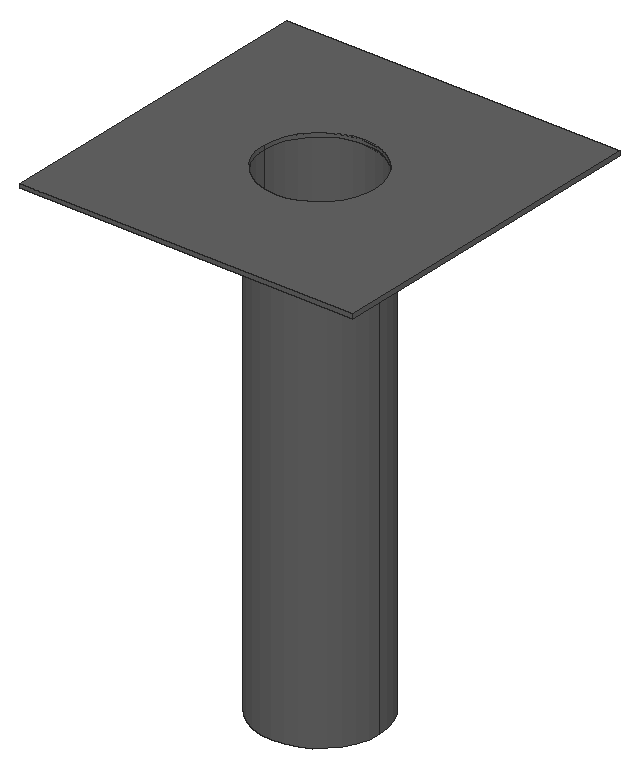
Revit family "Roofing-Aquaknight-Butynol_Dropper_DN80", category Plumbing Fixtures, Revit 2016
Family settings
  Part Type = Normal
  Round Connector Dimension = Use Diameter
  OmniClass Number = 23.60.30.11
  OmniClass Title = Pipework Products for General Use
  Work Plane-Based = No
  Always vertical = Yes
  Cut with Voids When Loaded = No
  Shared = No
  Room Calculation Point = No
Parameters (values of type "DN80")
  Width = 204.00 mm
  URL = "www.aquaknight.co.nz"
  Pipe Joint Location = 149.00 mm
  Phone = "+6498322214"  # constant formula
  Model = "2100.107"
  Max Weir Flow = 5.0 L/s
  Manufacturer = "Aquaknight Industries Ltd"  # constant formula
  Length = 298.00 mm
  Flow [instance] = 5.0 L/s
  Extrusion End = 2.50 mm
  Email = "info@aquaknight.co.nz"  # constant formula
  Drain Radius = Drain Diameter / 2  # 36.75 mm
  Drain Interior Radius = Drain Interior Diameter / 2  # 34.25 mm
  Drain Interior Diameter = 68.50 mm
  Drain Diameter = 73.50 mm
  Description = "Butynol Dropper 300x80"
  Depth = 204.00 mm
  DN = 80
  Connector Diameter = 74.00 mm
  400mm Head Flow = 0.0 L/s
  250mm Head Flow = 0.0 L/s
Reference planes
  plane 1 "Center (Front/Back)": y = 0
  plane 2: z = 0
  plane 3 "Center (Left/Right)": x = 0
  plane 4: x = -102
  plane 5: x = 102
  plane 6: y = 102
  plane 7: y = -102
  plane 8: z = -295.5
  plane 9: z = -149
  plane 10: z = 2.5
Forms (mm)
  Extrusion 1, solid, material "Aquanight-MDPE"
    sketch origin (0, 0, 0) x (1, 0, 0) y (0, 1, 0)
      loop
        line (-102, 102) -> (-102, -102) -> (102, -102) -> (102, 102) -> (-102, 102)
      loop
        circle (0, 0) r 34.25
    from 0 to 2.5
  Extrusion 2, solid, material "Aquanight-MDPE"
    sketch origin (0, 0, 0) x (1, 0, 0) y (0, 1, 0)
      loop
        circle (0, 0) r 34.25
      loop
        circle (0, 0) r 36.75
    from 0 to -295.5
Dimensions and locks
  equal spacing: plane 6, plane 1 "Center (Front/Back)", plane 7
  equal spacing: plane 4, plane 3 "Center (Left/Right)", plane 5
  "Depth": plane 6 to plane 7
  "Width": plane 4 to plane 5
  "Length": plane 10 to plane 8
  "Pipe Joint Location": level to plane 9
  locked: connector elem to plane 3 "Center (Left/Right)" at 0
  locked: connector elem to plane 1 "Center (Front/Back)" at 0
  "Extrusion End": plane 10 to level
  "Drain Interior Radius": radius of Extrusion 1 sketch curve
  "Drain Interior Radius": radius of Extrusion 2 sketch curve
  "Drain Radius": radius of Extrusion 2 sketch curve
  aligned and locked: level to plane 2
  aligned and locked: Extrusion 1 sketch curve to plane 4
  aligned and locked: Extrusion 1 sketch curve to plane 6
  aligned and locked: Extrusion 1 sketch curve to plane 5
  aligned and locked: Extrusion 1 sketch curve to plane 7
  aligned and locked: plane 1 "Center (Front/Back)" to Extrusion 1 sketch curve
  aligned and locked: plane 3 "Center (Left/Right)" to Extrusion 1 sketch curve
  aligned and locked: Extrusion 2 to plane 8
  aligned and locked: Extrusion 1 to plane 10
Automatic sketch dimensions
  Extrusion 2 sketch curve to Extrusion 2 sketch curve = 0.00 mm  (x2)
  plane 1 "Center (Front/Back)" to Extrusion 2 sketch curve = 0.00 mm
  Extrusion 2 sketch curve to plane 3 "Center (Left/Right)" = 0.00 mm
Connectors
  piping at (0, 0, -149), diameter 74, driven by "Flow", driven by "Connector Diameter"
    settings: on plane 9, index 2, connector inside diameter 609.6 mm, connector length 0.00 mm, flow factor 0, pipe flow 5.0 L/s, pressure drop 0.0 Pa, fitting loss kfactor 0, connector angle 0.00°, fixture units 0, engagement length 0.00 mm, angle of deflection 0.00°, flow configuration 1, flow direction 2, fitting loss method 0, system type 28, joint type 0, gender type 0, connector reference index -1, connector utility 0, adjustable connector no, is connector primary yes, connector description ""
